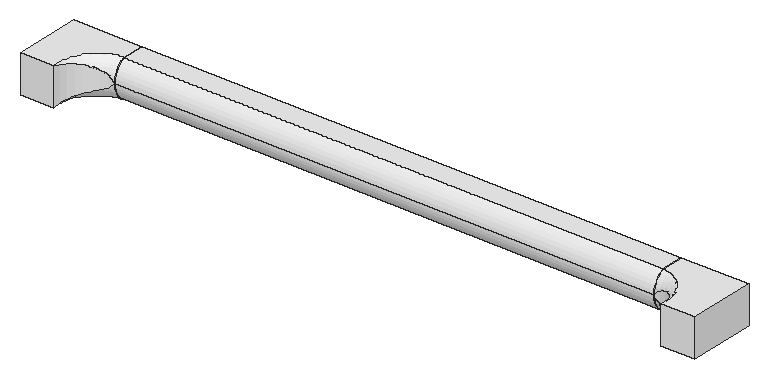
Revit family "Toallero barra", category Furniture, host Wall, Revit 2019
Family settings
  Host = Wall
  OmniClass Number = 23.31.25.25
  OmniClass Title = Towel Bars
  Always vertical = Yes
  Cut with Voids When Loaded = No
  Shared = No
  Room Calculation Point = No
Parameters (values of type "Type 1")
  URL = "https://corona.co/productos/accesorios/kit-de-accesorios/kit-por-6-accesorios-draa/p/DR6065551"
  Resistencia a cargas o peso máximo = "9 kg. (19,84 lb.)"  # constant formula
  Referencia = "N/A"  # constant formula
  Profundidad = 60 mm  # constant formula
  Peso Neto aprox = " 465 gr."  # constant formula
  Peso Bruto aprox = "4,8 kg. - 10,58 lb."  # constant formula
  Material = Corona_Cromado
  Manufacturer = "Corona"  # constant formula
  Garantía Acabados = "5 Años"  # constant formula
  Garantía = "30 Años"  # constant formula
  Fecha de creación = "11/08/2020"  # constant formula
  Description = "Adquiere estos accesorios que reflejan las últimas tendencias de diseño y se conviernten en el mejor complemento para tu baño. ¡Todo lo que necitabas está aquí!"  # constant formula
  Creado por = "IDD"  # constant formula
  Ancho = 600 mm  # constant formula
  Altura = 900 mm
  Alto = 33 mm  # constant formula
Reference planes
  plane 1 "Wall": y = 0
  plane 2 "Center (Left/Right)": x = 125
  plane 3 "Back": y = 75
  plane 4: z = 900
  plane 5: x = 425
  plane 6: x = -175
  plane 7: z = 916.5
  plane 8: z = 883.5
  plane 9: y = 135
Text (mm)
  text "Placement Side" at (-1848.837, 1116.779, 0), in view "Ref. Level"
  text "Placement side" at (0, 1409.804, 2854.306), in view "Left"
  text "Placement side" at (0, 499.811, 2980.732), in view "Right"
Dimensions and locks
  locked: plane 3 "Back" to host wall
  equal spacing: plane 8, plane 4, plane 7
  "Alto": plane 8 to plane 7
  equal spacing: plane 6, plane 2 "Center (Left/Right)", plane 5
  "Ancho": plane 6 to plane 5
  "Profundidad": plane 9 to host wall
  plane 4 to plane 8 = 16.5 mm
  "Altura": plane 4 to level
  aligned and locked: plane 1 "Wall" to host wall
  aligned and locked: nested 1 to plane 7
  aligned and locked: nested 2 to plane 7
  aligned and locked: plane 6 to nested 2
  aligned and locked: nested 4 to plane 7
  aligned and locked: nested 4 to plane 5
  aligned and locked: host wall to nested 2
  aligned and locked: plane 9 to nested 3
  aligned and locked: plane 6 to nested 3
Nested families
  nested 1: "Lateral" at (125, 75, 883.5) x (0, -1, 0) z (1, 0, 0), type "Lateral"
  nested 2: "Toallero Barra" at (425, 105, 883.5) x (-1, 0, 0) z (0, 0, 1), type "Toallero Barra"
  nested 3: "Planta" at (-175, 135, 0), type "Planta"
  nested 4: "Frontal" at (425, 0, 883.5) x (-1, 0, 0) z (0, -1, 0), type "Frontal"
Definition of nested family "Toallero Barra"
  Parameters (values of type "Toallero Argolla")
    Profundidad = 60 mm
    Material = none
    Ancho = 600 mm
    Alto = 33 mm
  Reference planes
    plane 1 "Center (Front/Back)": y = 0
    plane 2: z = 0
    plane 3 "Center (Left/Right)": x = 0
    plane 4: x = 600
    plane 5: y = 30
    plane 6: y = -30
    plane 7: z = 33
  Forms (mm)
    Extrusion 1, solid, material <- "Material", detail levels coarse
      sketch origin (0, 0, 0) x (1, 0, 0) y (0, 0, 1)
        loop
          line (600, 0) -> (600, 33) -> (0, 33) -> (0, 0) -> (600, 0)
      from -30 to 30
    Extrusion 2, solid, material <- "Material", detail levels medium+fine
      sketch origin (0, 0, 0) x (1, 0, 0) y (0, 1, 0)
        loop
          line (0, 30) -> (0, -30) -> (60, -30) -> (60, 0)
          arc (60, 0) -> (38.787, 8.787) -> (30, 30) r 30
          line (30, 30) -> (0, 30)
      from 0 to 33
    SweptBlend 3, void
      path in 3D
        loop
          arc (30, 30, 33) -> (38.787, 8.787, 33) -> (60, 0, 33) r 30
      profile origin (30, 30, 33) x (1, 0, 0) y (0, 0, 1)
        loop
          arc (0, 0) -> (7.149, -16.5) -> (0, -33) r 22.615
          line (0, -33) -> (10, -33) -> (10, 0) -> (0, 0)
      end profile origin (60, 0, 33) x (0, 1, 0) y (0, 0, 1)
        loop
          line (5, 0) -> (-10, 0)
          arc (-10, 0) -> (0.005, -16.5) -> (-10, -33) r 18.608
          line (-10, -33) -> (5, -33) -> (5, 0)
    Extrusion 4, solid, material <- "Material", detail levels medium+fine
      sketch origin (600, 0, 0) x (-1, 0, 0) y (0, -1, 0)
        loop
          line (0, -30) -> (30, -30)
          arc (30, -30) -> (38.787, -8.787) -> (60, 0) r 30
          line (60, 0) -> (60, 30) -> (0, 30) -> (0, -30)
      from 0 to 33
    SweptBlend 5, void
      path in 3D
        loop
          arc (570, 30, 33) -> (561.213, 8.787, 33) -> (540, 0, 33) r 30
      profile origin (570, 30, 33) x (1, 0, 0) y (0, 0, 1)
        loop
          line (0, 0) -> (-10, 0) -> (-10, -33) -> (0, -33)
          arc (0, -33) -> (-7.149, -16.5) -> (0, 0) r 22.615
      end profile origin (540, 0, 33) x (0, -1, 0) y (0, 0, 1)
        loop
          line (-5, 0) -> (-5, -33) -> (10, -33)
          arc (10, -33) -> (-0.005, -16.5) -> (10, 0) r 18.608
          line (10, 0) -> (-5, 0)
    Extrusion 6, solid, material <- "Material", detail levels medium+fine
      sketch origin (540, 0, 0) x (0, -1, 0) y (0, 0, 1)
        loop
          line (30, 33) -> (10.001, 33)
          arc (10.001, 33) -> (2.694, 26.147) -> (-0.005, 16.5) r 18.622
          arc (-0.005, 16.5) -> (2.694, 6.853) -> (10.001, 0) r 18.622
          line (10.001, 0) -> (30, 0) -> (30, 33)
      from 0 to 480
  Cuts and joins
    SweptBlend 3, SweptBlend 5 cuts Extrusion 2
    SweptBlend 5 cuts Extrusion 4
  Lines and regions (mm)
    sketch lines
      curve 1: arc (30, 30, 33) -> (38.787, 8.787, 33) -> (60, 0, 33) r 30
      curve 2: arc (570, 30, 33) -> (561.213, 8.787, 33) -> (540, 0, 33) r 30
  Dimensions and locks
    equal spacing: plane 5, plane 1 "Center (Front/Back)", plane 6
    "Profundidad": plane 5 to plane 6
    "Ancho": plane 3 "Center (Left/Right)" to plane 4
    "Alto": plane 7 to level
    aligned and locked: level to plane 2
    aligned and locked: level to Extrusion 1 sketch curve
    aligned and locked: plane 4 to Extrusion 1 sketch curve
    aligned and locked: Extrusion 1 sketch curve to plane 7
    aligned and locked: plane 3 "Center (Left/Right)" to Extrusion 1 sketch curve
    aligned and locked: Extrusion 1 to plane 5
    aligned and locked: Extrusion 1 to plane 6
    aligned and locked: Extrusion 2 sketch curve to Extrusion 1  (x2)
    aligned and locked: plane 7 to Extrusion 2
  Automatic sketch dimensions
    plane 1 "Center (Front/Back)" to Extrusion 2 sketch curve = 0 mm
    Extrusion 2 sketch curve to plane 6 = 0 mm
    plane 3 "Center (Left/Right)" to Extrusion 2 sketch curve = 30 mm
    profile plane to SweptBlend 3 sketch curve = 0 mm  (x2)
    SweptBlend 3 sketch curve to profile plane = 0 mm  (x2)
    profile plane to SweptBlend 3 sketch curve = 15.465 mm
    SweptBlend 3 sketch curve to SweptBlend 3 sketch curve = 10 mm
    SweptBlend 3 sketch curve to profile plane = 16.5 mm  (x2)
    profile plane to SweptBlend 3 sketch curve = 18.602 mm
    profile plane to SweptBlend 3 sketch curve = 10 mm  (x2)
    SweptBlend 3 sketch curve to profile plane = 5 mm
    Extrusion 4 sketch curve to plane 4 = 0 mm
    plane 5 to Extrusion 4 sketch curve = 0 mm
    plane 1 "Center (Front/Back)" to Extrusion 4 sketch curve = 0 mm
    plane 6 to Extrusion 4 sketch curve = 0 mm
    Extrusion 4 sketch curve to Extrusion 4 sketch curve = 30 mm
    SweptBlend 5 sketch curve to profile plane = 0 mm  (x2)
    profile plane to SweptBlend 5 sketch curve = 0 mm  (x2)
    profile plane to SweptBlend 5 sketch curve = 10 mm
    SweptBlend 5 sketch curve to profile plane = 15.465 mm
    SweptBlend 5 sketch curve to profile plane = 16.5 mm  (x2)
    profile plane to SweptBlend 5 sketch curve = 5 mm
    SweptBlend 5 sketch curve to profile plane = 10 mm  (x2)
    SweptBlend 5 sketch curve to profile plane = 18.602 mm
    Extrusion 6 sketch curve to Extrusion 4 = 0 mm  (x3)
    Extrusion 4 to Extrusion 6 sketch curve = 10.001 mm  (x2)
    Extrusion 6 sketch curve to Extrusion 6 sketch curve = 0 mm
    Extrusion 4 to Extrusion 6 sketch curve = 16.491 mm
    Extrusion 6 sketch curve to Extrusion 6 sketch curve = 0.018 mm
    Extrusion 6 sketch curve to Extrusion 4 = 0.005 mm
Definition of nested family "Lateral"
  Reference planes
    plane 1 "Center (Front/Back)": y = 0
    plane 2: z = 0
    plane 3 "Center (Left/Right)": x = 0
    plane 4: y = 33
    plane 5: x = -60
  Lines and regions (mm)
    detail lines, in view "Ref. Level"
      curve 1: line (0, 0, 0) -> (-60, 0, 0)
      curve 2: line (0, 33, 0) -> (0, 0, 0)
      curve 3: line (-60, 33, 0) -> (0, 33, 0)
      curve 4: line (-60, 0, 0) -> (-60, 33, 0)
  Dimensions and locks
    aligned and locked: curve 1 to plane 1 "Center (Front/Back)"
    aligned and locked: curve 2 to plane 3 "Center (Left/Right)"
    aligned and locked: curve 3 to plane 4
    aligned and locked: plane 5 to curve 4
Definition of nested family "Planta"
  Reference planes
    plane 1 "Center (Front/Back)": y = 0
    plane 2: z = 0
    plane 3 "Center (Left/Right)": x = 0
    plane 4: x = 600
    plane 5: y = 60
  Lines and regions (mm)
    detail lines, in view "Ref. Level"
      curve 1: line (600, 0, 0) -> (0, 0, 0)
      curve 2: line (600, 60, 0) -> (600, 0, 0)
      curve 3: line (0, 60, 0) -> (30, 60, 0)
      curve 4: line (0, 0, 0) -> (0, 60, 0)
      curve 5: line (570, 60, 0) -> (600, 60, 0)
      curve 6: line (60, 30, 0) -> (540, 30, 0)
      curve 7: arc (30, 60, 0) -> (38.787, 38.787, 0) -> (60, 30, 0) r 30
      curve 8: arc (570, 60, 0) -> (561.213, 38.787, 0) -> (540, 30, 0) r 30
  Dimensions and locks
    aligned and locked: curve 1 to plane 1 "Center (Front/Back)"
    aligned and locked: curve 2 to plane 4
    aligned and locked: curve 3 to plane 5
    aligned and locked: plane 3 "Center (Left/Right)" to curve 4
Definition of nested family "Frontal"
  Reference planes
    plane 1 "Center (Front/Back)": y = 0
    plane 2: z = 0
    plane 3 "Center (Left/Right)": x = 0
    plane 4: x = 600
    plane 5: y = 33
  Lines and regions (mm)
    detail lines, in view "Ref. Level"
      curve 1: line (0, 0, 0) -> (600, 0, 0)
      curve 2: line (0, 33, 0) -> (0, 0, 0)
      curve 3: line (600, 33, 0) -> (0, 33, 0)
      curve 4: line (600, 0, 0) -> (600, 33, 0)
  Dimensions and locks
    aligned and locked: plane 1 "Center (Front/Back)" to curve 1
    aligned and locked: curve 2 to plane 3 "Center (Left/Right)"
    aligned and locked: plane 5 to curve 3
    aligned and locked: plane 4 to curve 4
